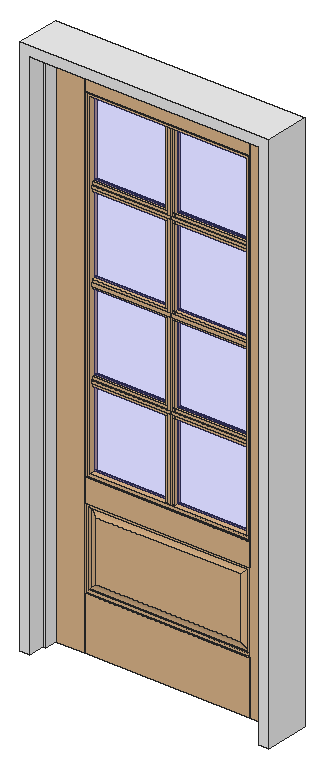
Revit family
Parameters (values of type "1 3/4" Raised Panel")
  Vertical Grill Members = not(# of Vertical Lites < 3)  # no
  Vertical Grill = # of Vertical Lites = 2  # yes
  URL = "http://www.karonadoor.com"
  Top Frame Height = Height - (Top Rail Height + Lock Rail Height)  # 54.250"
  Thickness Note = "Do not edit thickness."  # constant formula
  Thickness = 1.774"
  Swing Angle 2D = 90.00°
  SmartBIM Object Version = 1.1  # constant formula
  SmartBIM Object Created By = "Reed Construction Data"  # constant formula
  Rough Width = 0.000"
  Rough Height = 0.000"
  Panel = Panel_K3580_Karona : 1 3/4" - Raised Panel
  Model = "K3580 Mission"  # constant formula
  Manufacturer = "Karona , Inc."  # constant formula
  Lock Rail Height = 24.750"  # constant formula
  Horizontal Grill = # of Horizontal Lites = 2  # no
  Horizontal Grid Members = not(# of Horizontal Lites < 3)  # yes
  Glass Width = Width - (2 * Stile Width)  # 25.874"
  Glass Height = Height - (Top Rail Height + Bottom Frame Height)  # 35.437"
  Glass = Glass
  Detail Door Thickness = 1.750"
  Bottom Frame Height = 43.563"
  Assembly Code = ""
  Top Rail Height = 5.000"
  Top Rail = Wood, Cherry - Grain Horizontal
  Stile Width = 5.063"
  Stile = Wood, Cherry - Grain Vertical
  Sticking = Wood, Cherry - Grain Vertical
  Middle Rail = Wood, Cherry - Grain Horizontal
  Height = 84.000"
  Wall Closure = (empty or 0)
  Width = 36.000"
  Frame = Metal
  Bottom Rail Height = 8.500"
  Bottom Rail = Wood, Cherry - Grain Horizontal
  95 CSI = "08210"  # constant formula
  04 CSI = "08 14 33"  # constant formula
  # of Vertical Mullions = if((# of Vertical Lites - 1) < 2, 2, # of Vertical Lites - 1)  # 2
  # of Vertical Lites = 2
  # of Horizontal Mullions = if((# of Horizontal Lites - 1) < 2, 2, # of Horizontal Lites - 1)  # 3
  # of Horizontal Lites = 4
Types (9): name | Thickness | Rough Height | Panel | Glass Height | Detail Door Thickness | Bottom Frame Height | Top Rail
  1 3/4" Flat Panel | 1.774" | 1.750" | Panel_K3580_Karona : 1 3/4" - Flat Panel | 55.000" | 1.750" | 24.000" | Wood, Cherry - Grain Horizontal
  1 3/8" Flat Panel | 1.334" | 0.000" | Panel_K3580_Karona : 1 3/8" - Flat Panel | 35.437" | 1.375" | 43.563" | Wood, Cherry - Grain Vertical
  2 1/4" Flat Panel | 2.250" | 0.000" | Panel_K3580_Karona : 2 1/4" - Flat Panel | 35.437" | 2.250" | 43.563" | Wood, Cherry - Grain Horizontal
  1 3/4" Glass Panel | 1.774" | 1.750" | Panel_K3580_Karona : 1 3/4" - Glass Panel | 35.437" | 1.750" | 43.563" | Wood, Cherry - Grain Horizontal
  1 3/8" Glass Panel | 1.334" | 0.000" | Panel_K3580_Karona : 1 3/8" - Glass Panel | 35.437" | 1.375" | 43.563" | Wood, Cherry - Grain Vertical
  2 1/4" Glass Panel | 2.250" | 0.000" | Panel_K3580_Karona : 2 1/4" - Glass | 35.437" | 2.250" | 43.563" | Wood, Cherry - Grain Horizontal
  1 3/4" Raised Panel | 1.774" | 0.000" | Panel_K3580_Karona : 1 3/4" - Raised Panel | 35.437" | 1.750" | 43.563" | Wood, Cherry - Grain Horizontal
  1 3/8" Raised Panel | 1.334" | 0.000" | Panel_K3580_Karona : 1 3/8" - Raised Panel | 35.437" | 1.375" | 43.563" | Wood, Cherry - Grain Vertical
  2 1/4" Raised Panel | 2.250" | 0.000" | Panel_K3580_Karona : 2 1/4" - Raised Panel | 35.437" | 2.250" | 43.563" | Wood, Cherry - Grain Horizontal
Reference planes (in)
  plane 1 "Center (Front/Back)": y = 0
  plane 2 "Center (Left/Right)": x = 0
  plane 3 "Left": x = -18
  plane 4 "Right": x = 18
  plane 5 "Top": z = 84
  plane 6 "Exterior Edge of Frame": y = 3.5
  plane 7 "Interior Edge of Frame": y = -3.5
  plane 8: y = 1
  plane 9: y = -1
  plane 10 "Opening Left": x = -19.5
  plane 11 "Opening Right": x = 19.5
  plane 12 "Top of Opening": z = 85.5
  plane 13: x = -17.5
  plane 14: z = 79
Forms (in)
  Sweep 1, solid, material "Metal" <- "Frame"
    path origin (0, 0, 0) x (1, 0, 0) y (0, 0, 1)
      loop
        line (-19.5, 0) -> (-19.5, 85.5) -> (19.5, 85.5) -> (19.5, 0)
    profile origin (-19.5, 0, 42.75) x (-1, 0, 0) y (0, -1, 0)
      loop
        line (0, -3.5) -> (0, 3.5) -> (-1.5, 3.5) -> (-1.5, 1) -> (-2, 1) -> (-2, -1) -> (-1.5, -1) -> (-1.5, -3.5) -> (0, -3.5)
Lines and regions (in)
  Opening 1
    outline origin (-90, -3, 0) x (1, 0, 0) y (0, 0, 1)
      loop
        line (70.5, 0) -> (109.5, 0) -> (109.5, 85.5) -> (70.5, 85.5) -> (70.5, 0)
  symbolic lines, style "Elevation Swing"
    curve 1: line (18, 3, 0) -> (-18, 3, 42)
    curve 2: line (-18, 3, 42) -> (18, 3, 84)
Text (in)
  text "Exterior" at (-46.13199, 20.20143, 0), in view "Ref. Level"
  text "Interior" at (-46.13199, -10.56751, 0), in view "Ref. Level"
  text "Exterior" at (0, 40.15149, 123.01588), in view "Right"
  text "Interior" at (0, -64.39139, 123.01588), in view "Right"
  text "Interior" at (0, -31.01599, 123.00693), in view "Left"
  text "Exterior" at (0, 54.57065, 123.00693), in view "Left"
Dimensions and locks (in)
  "Height": level to plane 5 "Top"
  "Width": plane 3 "Left" to plane 4 "Right"
  equal spacing: host wall, curve 2, plane 5 "Top"
  locked: host wall to plane 7 "Interior Edge of Frame" at 0.5
  locked: plane 6 "Exterior Edge of Frame" to host wall at 0.5
  locked: plane 9 to plane 7 "Interior Edge of Frame" at 2.5
  locked: plane 6 "Exterior Edge of Frame" to plane 8 at 2.5
  equal spacing: plane 3 "Left", plane 2 "Center (Left/Right)", plane 4 "Right"
  locked: plane 4 "Right" to plane 11 "Opening Right" at 1.5
  locked: plane 5 "Top" to plane 12 "Top of Opening" at 1.5
  locked: plane 3 "Left" to plane 13 at 0.5
  locked: plane 10 "Opening Left" to plane 3 "Left" at 1.5
  nested 1 to nested 1 = 1.774"
  "Top Rail Height": plane 14 to plane 5 "Top"
  aligned and locked: Opening 1 sketch curve to level
  aligned and locked: plane 4 "Right" to curve 1
  aligned and locked: plane 3 "Left" to curve 1
  aligned and locked: plane 5 "Top" to curve 2
  aligned and locked: Opening 1 sketch curve to plane 11 "Opening Right"
  aligned and locked: plane 12 "Top of Opening" to Opening 1 sketch curve
  aligned and locked: Opening 1 sketch curve to plane 10 "Opening Left"
  aligned and locked: plane 10 "Opening Left" to Sweep 1 sketch curve
  aligned and locked: plane 12 "Top of Opening" to Sweep 1 sketch curve
  aligned and locked: plane 11 "Opening Right" to Sweep 1 sketch curve
  aligned and locked: level to Sweep 1 sketch curve  (x2)
  aligned and locked: Sweep 1 sketch curve to plane 10 "Opening Left"
  aligned and locked: Sweep 1 sketch curve to plane 6 "Exterior Edge of Frame"
  aligned and locked: Sweep 1 sketch curve to plane 7 "Interior Edge of Frame"
  aligned and locked: Sweep 1 sketch curve to plane 8
  aligned and locked: Sweep 1 sketch curve to plane 9
  aligned and locked: plane 13 to Sweep 1 sketch curve
  aligned and locked: plane 3 "Left" to Sweep 1 sketch curve  (x2)
  aligned and locked: nested 1 to plane 2 "Center (Left/Right)"
  aligned and locked: nested 2 to plane 3 "Left"
  aligned and locked: nested 2 to plane 8
  aligned and locked: plane 2 "Center (Left/Right)" to nested 3
  aligned and locked: nested 3 to plane 14
  aligned and locked: nested 1 to nested 3
  aligned and locked: nested 1 to plane 8
Automatic sketch dimensions
  curve 1 to level = 0.000"
  curve 2 to plane 4 "Right" = 0.000"
Nested families (in)
  nested 1: "Panel_K3580_Karona" at (-13.5, 0.6575, 0) x (-1, 0, 0) z (0, 0, 1), type <- "Panel", type "1 3/4" - Raised Panel"
  nested 2: "Door Panel Plan View" at (-31.5, 1, 0) x (-1, 0, 0) z (0, 0, 1), type "Door Panel Plan View"
    with Thickness 1.750", Height 84.000"
  nested 3: "MuntinAssembly_Karona" at (-3.03232, 2.28638, 24.75), type "Parametric"
    with Width Offset 8.54133", Width 25.874", Vertical Grid Members no, Vertical Grid yes, Muntin Width 25.624", Muntin Height 54.000", Height Offset 13.4375", Height 54.250", Door Thickness 1.750", # of Horizontal Mullions 3
Definition of nested family "Panel_K3580_Karona"
  Parameters (values of type "1 3/4" - Raised Panel")
    Width = 36.000"
    Top Rail Material = Wood, Cherry - Grain Horizontal
    Top Rail Height = 5.000"
    Top Panel Offset = Top Rail Height + Half Panel Height  # 11.3125"
    Top Frame Height = Height - (Top Rail Height + Mullion Width + Panel Height + Bottom Rail Height)  # 54.250"
    Thickness Note = "Do not change door thickness"  # constant formula
    Thickness = 1.774"
    Stile Width = 5.063"
    Stile Material = Wood, Cherry - Grain Vertical
    Sticking Material = Wood, Cherry - Grain Vertical
    Panel Width = (Width - (2 * Stile Width))  # 25.874"
    Panel Height = Lock Rail Height - (Mullion Width + Bottom Rail Height)  # 12.625"
    Panel = Glass-Sticking-Assembly-Mission_Karona : Raised Panel
    Mullion Width = 3.625"  # constant formula
    Lock Rail Height = 24.750"
    Interior Panel = Wood, Cherry - Grain Vertical
    Height = 84.000"
    Half Panel Width = 0.5 * Panel Width  # 12.937"
    Half Panel Height = 0.5 * Panel Height  # 6.3125"
    Exterior Edge - Glass Bottom Offset = if(Thickness = 1.774", 0.567", if(Thickness = 2.250", 0.803", 0.469"))  # 0.567"
    Door Panel Material = Wood, Cherry - Grain Vertical
    Default Elevation = 0.000"  # constant formula
    Cross Rail and Panel Spacing Start = Half Panel Height + 0.5 * (3.625")  # 8.125"
    Cross Rail Panel Height = Panel Height + 3.625"  # 16.250"
    Bottom Rail Material = Wood, Cherry - Grain Horizontal
    Bottom Rail Height = 8.500"
    Bottom Frame Height = 43.563"
    Assembly Code = ""
  Types (9): name | Top Rail Material | Top Panel Offset | Top Frame Height | Thickness | Panel Height | Panel | Lock Rail Height | Interior Panel | Half Panel Height | Exterior Edge - Glass Bottom Offset | Cross Rail and Panel Spacing Start | Cross Rail Panel Height
    2 1/4" - Flat Panel | Wood, Cherry - Grain Horizontal | 13.0625" | 50.750" | 2.250" | 16.125" | Glass-Sticking-Assembly-Mission_Karona : Flat Panel | 28.250" | Wood, Cherry - Grain Vertical | 8.0625" | 0.803" | 9.875" | 19.750"
    2 1/4" - Glass | Wood, Cherry - Grain Horizontal | 13.0625" | 50.750" | 2.250" | 16.125" | Glass-Sticking-Assembly-Mission_Karona : Glass Panel | 28.250" | Glass | 8.0625" | 0.803" | 9.875" | 19.750"
    2 1/4" - Raised Panel | Wood, Cherry - Grain Horizontal | 13.0625" | 50.750" | 2.250" | 16.125" | Glass-Sticking-Assembly-Mission_Karona : Raised Panel | 28.250" | Wood, Cherry - Grain Vertical | 8.0625" | 0.803" | 9.875" | 19.750"
    1 3/4" - Raised Panel | Wood, Cherry - Grain Horizontal | 11.3125" | 54.250" | 1.774" | 12.625" | Glass-Sticking-Assembly-Mission_Karona : Raised Panel | 24.750" | Wood, Cherry - Grain Vertical | 6.3125" | 0.567" | 8.125" | 16.250"
    1 3/4" - Flat Panel | Wood, Cherry - Grain Horizontal | 11.3125" | 54.250" | 1.774" | 12.625" | Glass-Sticking-Assembly-Mission_Karona : Flat Panel | 24.750" | Wood, Cherry - Grain Vertical | 6.3125" | 0.567" | 8.125" | 16.250"
    1 3/4" - Glass Panel | Wood, Cherry - Grain Horizontal | 13.0625" | 50.750" | 1.774" | 16.125" | Glass-Sticking-Assembly-Mission_Karona : Glass Panel | 28.250" | Glass | 8.0625" | 0.567" | 9.875" | 19.750"
    1 3/8" - Raised Panel | Wood, Cherry - Grain Horizontal | 13.0625" | 50.750" | 1.334" | 16.125" | Glass-Sticking-Assembly-Mission_Karona : Raised Panel | 28.250" | Wood, Cherry - Grain Vertical | 8.0625" | 0.469" | 9.875" | 19.750"
    1 3/8" - Glass Panel | Wood, Cherry - Grain Vertical | 13.0625" | 50.750" | 1.334" | 16.125" | Glass-Sticking-Assembly-Mission_Karona : Glass Panel | 28.250" | Glass | 8.0625" | 0.469" | 9.875" | 19.750"
    1 3/8" - Flat Panel | Wood, Cherry - Grain Horizontal | 13.0625" | 50.750" | 1.334" | 16.125" | Glass-Sticking-Assembly-Mission_Karona : Flat Panel | 28.250" | Wood, Cherry - Grain Vertical | 8.0625" | 0.469" | 9.875" | 19.750"
  Reference planes (in)
    plane 1 "Center (Front/Back)": y = 1.2295
    plane 2: z = 0
    plane 3 "Center (Left/Right)": x = -13.5
    plane 4 "Left": x = -31.5
    plane 5: x = 4.5
    plane 6 "Inner Left": x = -26.437
    plane 7 "Inner Right": x = -0.563
    plane 8: z = 8.5
    plane 9 "Bottom Of Top Rail": z = 79
    plane 10 "Top": z = 84
    plane 11 "Interior Edge of Door": y = 2.1165
    plane 12: z = 79
    plane 13 "Exterior Edge of Door": y = 0.3425
    plane 14 "Bottom of Glass": y = 0.9095
    plane 15 "Cross Rail 3": z = 22.9375
    plane 16: z = 24.75
    plane 17: z = 21.125
    plane 18: z = 51.875
    plane 19: z = 14.8125
  Forms (in)
    Extrusion 1, solid, material "Wood, Cherry - Grain Horizontal" <- "Bottom Rail Material"
      sketch origin (0, -101.3125, 0) x (1, 0, 0) y (0, 0, 1)
        loop
          line (-26.437, 0) -> (-0.563, 0) -> (-0.563, 8.5) -> (-26.437, 8.5) -> (-26.437, 0)
      from -103.429 to -101.655
    Extrusion 2, solid, material "Wood, Cherry - Grain Vertical" <- "Stile Material"
      sketch origin (0, 1.2295, 0) x (1, 0, 0) y (0, 0, 1)
        loop
          line (-31.5, 84) -> (-31.5, 0) -> (-26.437, 0) -> (-26.437, 84) -> (-31.5, 84)
        loop
          line (-0.563, 0) -> (4.5, 0) -> (4.5, 84) -> (-0.563, 84) -> (-0.563, 0)
      from -0.887 to 0.887
    Extrusion 3, solid, material "Wood, Cherry - Grain Horizontal" <- "Top Rail Material"
      sketch origin (0, 1.2295, 0) x (1, 0, 0) y (0, 0, 1)
        loop
          line (-26.437, 84) -> (-26.437, 79) -> (-0.563, 79) -> (-0.563, 84) -> (-26.437, 84)
      from -0.887 to 0.887
    Extrusion 4, solid, material "Wood, Cherry - Grain Horizontal" <- "Top Rail Material"
      sketch origin (0, 1.2295, 0) x (1, 0, 0) y (0, 0, 1)
        loop
          line (-0.563, 21.1245) -> (-0.563, 24.7505) -> (-26.437, 24.7505) -> (-26.437, 21.1245) -> (-0.563, 21.1245)
      from -0.887 to 0.887
  Text (in)
    text "EXTERIOR" at (-34.59289, -1.27941, 0), in view "Ref. Level"
    text "EXTERIOR" at (0, -9.65287, 72.76687), in view "Left"
    text "EXTERIOR" at (0, -33.33473, 96.68074), in view "Right"
  Dimensions and locks (in)
    equal spacing: plane 4 "Left", plane 3 "Center (Left/Right)", plane 5
    "Width": plane 4 "Left" to plane 5
    "Stile Width": plane 4 "Left" to plane 6 "Inner Left"
    "Stile Width": plane 5 to plane 7 "Inner Right"
    "Bottom Rail Height": plane 8 to plane 2
    "Top Rail Height": plane 10 "Top" to plane 9 "Bottom Of Top Rail"
    "Height": plane 10 "Top" to plane 2
    equal spacing: plane 11 "Interior Edge of Door", plane 1 "Center (Front/Back)", plane 13 "Exterior Edge of Door"
    "Thickness": plane 11 "Interior Edge of Door" to plane 13 "Exterior Edge of Door"
    "Exterior Edge - Glass Bottom Offset": plane 14 "Bottom of Glass" to plane 13 "Exterior Edge of Door"
    "Exterior Edge - Glass Bottom Offset": plane 13 "Exterior Edge of Door" to plane 14 "Bottom of Glass"
    equal spacing: Extrusion 4 sketch curve, plane 15 "Cross Rail 3", Extrusion 4 sketch curve
    locked: Extrusion 4 sketch curve to Extrusion 4 sketch curve at 3.626
    equal spacing: plane 16, plane 15 "Cross Rail 3", plane 17
    "Mullion Width": plane 16 to plane 17
    equal spacing: plane 12, plane 18, plane 16
    "Top Frame Height": plane 12 to plane 16
    "Lock Rail Height": plane 16 to level
    equal spacing: plane 17, plane 19, plane 8
    aligned and locked: Extrusion 1 to plane 2
    aligned and locked: plane 11 "Interior Edge of Door" to Extrusion 1
    aligned and locked: plane 4 "Left" to Extrusion 2 sketch curve
    aligned and locked: Extrusion 2 sketch curve to plane 10 "Top"
    aligned and locked: Extrusion 2 sketch curve to Extrusion 1  (x3)
    aligned and locked: Extrusion 1 to Extrusion 2 sketch curve
    aligned and locked: plane 10 "Top" to Extrusion 2 sketch curve
    aligned and locked: plane 5 to Extrusion 2 sketch curve
    aligned and locked: plane 11 "Interior Edge of Door" to Extrusion 2
    aligned and locked: Extrusion 2 to Extrusion 3 sketch curve
    aligned and locked: Extrusion 3 sketch curve to Extrusion 2
    aligned and locked: plane 11 "Interior Edge of Door" to Extrusion 3
    aligned and locked: level to plane 2
    aligned and locked: Extrusion 3 to plane 13 "Exterior Edge of Door"
    aligned and locked: Extrusion 3 to plane 11 "Interior Edge of Door"
    aligned and locked: Extrusion 2 to plane 13 "Exterior Edge of Door"
    aligned and locked: Extrusion 1 to Extrusion 2
    aligned and locked: nested 1 to plane 1 "Center (Front/Back)"
    aligned and locked: plane 3 "Center (Left/Right)" to nested 1
    aligned and locked: plane 9 "Bottom Of Top Rail" to Extrusion 3 sketch curve
    aligned and locked: plane 11 "Interior Edge of Door" to Extrusion 4
    aligned and locked: Extrusion 4 to plane 13 "Exterior Edge of Door"
    aligned and locked: plane 19 to nested 1
  Automatic sketch dimensions
    Extrusion 1 sketch curve to plane 6 "Inner Left" = 0.000"
    Extrusion 1 sketch curve to plane 7 "Inner Right" = 0.000"
    Extrusion 1 sketch curve to level = 0.000"
    Extrusion 1 sketch curve to plane 8 = 0.000"
    Extrusion 3 sketch curve to plane 7 "Inner Right" = 0.000"
    Extrusion 4 sketch curve to plane 7 "Inner Right" = 0.000"
    Extrusion 4 sketch curve to plane 6 "Inner Left" = 0.000"
  Nested families (in)
    nested 1: "Glass-Sticking-Assembly-Mission_Karona" at (-13.96875, 1.38, 8.5), Width <- "Panel Width", Height <- "Panel Height", type <- "Panel", type "Raised Panel"
      with Width 25.874", Height 12.625", Door Thickness 1.774", C 0.200", B 0.567", A 0.197"
  Definition of nested family "Glass-Sticking-Assembly-Mission_Karona"
    Parameters (values of type "Glass Panel")
      Width [instance] = 19.000"
      Stop Adjustment = if(and(not(Glass Panel), Door Thickness = 1.774"), 0.513", if(and(not(Glass Panel), Door Thickness = 2.250"), 0.513", if((Glass Panel), 0.125", 0.273")))  # 0.125"
      Profile = Wood, Cherry - Grain Vertical
      Height [instance] = 23.000"
      Raised Panel = no
      Interior Panel = Wood, Cherry - Grain Vertical
      Glass Panel = yes
      Door Thickness = 2.250"
      C = if(Door Thickness = 1.774", 0.200", if(Door Thickness = 2.250", 0.439", 0.191"))  # 0.439"
      B = if(Door Thickness = 1.774", 0.567", if(Door Thickness = 2.250", 0.803", 0.469"))  # 0.803"
      Assembly Code = ""
      A = if(Door Thickness = 1.774", 0.197", if(Door Thickness = 2.250", 0.433", 0.194"))  # 0.433"
    Types (3): name | Width | Stop Adjustment | Height | Raised Panel | Glass Panel | Door Thickness | C | B | A
      Glass Panel | 19.000" | 0.125" | 23.000" | no | yes | 2.250" | 0.439" | 0.803" | 0.433"
      Flat Panel | 4.500" | 0.273" | 23.000" | no | no | 1.334" | 0.191" | 0.469" | 0.194"
      Raised Panel | 4.000" | 0.513" | 4.000" | yes | no | 2.250" | 0.439" | 0.803" | 0.433"
    Reference planes (in)
      plane 1 "Stop Adjustment Edge": y = -0.3455
      plane 2: z = 0
      plane 3 "Center (Left/Right)": x = 0.46875
      plane 4 "Back": y = 0.9765
      plane 5 "Front": y = -1.2735
      plane 6 "Left": x = -9.03125
      plane 7 "Right": x = 9.96875
      plane 8 "Top": z = 23
      plane 9 "Center (Up/Down)": z = 11.5
      plane 10 "Bottom of Stop": y = -0.2205
      plane 11 "Bottom of Glass": y = -0.4705
      plane 12 "Right Edge of Glass": x = 9.91875
      plane 13 "Left Edge of Glass": x = -8.98125
      plane 14 "Top Edge of Glass": z = 22.90625
      plane 15 "Bottom Edge of Glass": z = 0.09375
      plane 16: x = 9.84375
      plane 17: x = 9.40625
      plane 18 "A": y = -0.8405
      plane 19 "C": y = 0.5375
      plane 20: z = 0.438
      plane 21: z = 22.562
      plane 22: x = -8.59325
      plane 23: x = 9.53075
      plane 24 "Center (Front/Back)": y = -0.1485
    Forms (in)
      Sweep 1, solid, material "Wood, Cherry - Grain Vertical" <- "Profile"
        path origin (0, -0.3455, 0) x (1, 0, 0) y (0, 0, 1)
          loop
            line (9.96875, 23) -> (-9.03125, 23) -> (-9.03125, 0) -> (9.96875, 0) -> (9.96875, 23)
        profile origin (9.96875, -0.3455, 11.5) x (0, -1, 0) y (1, 0, 0)
          loop
            line (-0.883, 0) -> (-0.883, -0.438) -> (-0.125, -0.438) -> (-0.125, -0.05) -> (0.125, -0.05) -> (0.125, -0.438) -> (0.495, -0.438) -> (0.495, 0) -> (-0.883, 0)
      Extrusion 2, solid, material "Wood, Cherry - Grain Vertical" <- "Interior Panel"
        sketch origin (0, 0, 0) x (1, 0, 0) y (0, 1, 0)
          loop
            line (-8.98125, -0.2205) -> (-8.98125, -0.4705) -> (9.91875, -0.4705) -> (9.91875, -0.2205) -> (-8.98125, -0.2205)
        from 0.09375 to 22.90625
      Extrusion 3, solid, material "Wood, Cherry - Grain Vertical" <- "Profile", visible <- "Raised Panel"
        sketch origin (0, 0, 0) x (1, 0, 0) y (0, 1, 0)
          loop
            line (9.53075, 0.5375) -> (-8.59325, 0.5375) -> (-8.59325, -0.2205) -> (9.53075, -0.2205) -> (9.53075, 0.5375)
          loop
            line (-8.59325, -0.4705) -> (-8.59325, -0.8405) -> (9.53075, -0.8405) -> (9.53075, -0.4705) -> (-8.59325, -0.4705)
        from 0.438 to 22.562
      Sweep 4, void
        path origin (0, -0.2205, 0) x (-1, 0, 0) y (0, 0, 1)
          loop
            line (9.03125, 0) -> (9.03125, 23) -> (-9.96875, 23) -> (-9.96875, 0) -> (9.03125, 0)
        profile "Profile : 05" origin (-9.03125, -0.2205, 11.5) x (1, 0, 0) y (0, 1, 0)
          loop
            line (0, 0.05) -> (0.36169, 0.05096)
            arc (0.36169, 0.05096) -> (1.01257, 0.13642) -> (1.61934, 0.387) r 2.52143
            line (1.61934, 0.387) -> (0, 0.387) -> (0, 0.05)
      Sweep 5, void
        path origin (0, -0.4705, 0) x (-1, 0, 0) y (0, 0, 1)
          loop
            line (-9.96875, 23) -> (-9.96875, 0) -> (9.03125, 0) -> (9.03125, 23) -> (-9.96875, 23)
        profile "Profile : 05" origin (9.96875, -0.4705, 11.5) x (-1, 0, 0) y (0, 1, 0)
          loop
            line (0, -0.05) -> (0, -0.387) -> (1.61934, -0.387)
            arc (1.61934, -0.387) -> (1.01257, -0.13642) -> (0.36169, -0.05096) r 2.52143
            line (0.36169, -0.05096) -> (0, -0.05)
    Cuts and joins
      Sweep 4, Sweep 5 cuts Extrusion 3
    Text (in)
      text "INTERIOR" at (-14.3788, 3.49864, 0), in view "Ref. Level"
    Dimensions and locks (in)
      equal spacing: plane 6 "Left", plane 3 "Center (Left/Right)", plane 7 "Right"
      "Width": plane 6 "Left" to plane 7 "Right"
      "Door Thickness": plane 4 "Back" to plane 5 "Front"
      "Height": plane 8 "Top" to plane 2
      equal spacing: plane 8 "Top", plane 9 "Center (Up/Down)", level
      locked: plane 1 "Stop Adjustment Edge" to plane 11 "Bottom of Glass" at 0.125
      "Stop Adjustment": plane 10 "Bottom of Stop" to plane 1 "Stop Adjustment Edge"
      locked: plane 12 "Right Edge of Glass" to plane 7 "Right" at 0.05
      locked: plane 8 "Top" to plane 14 "Top Edge of Glass" at 0.09375
      locked: plane 15 "Bottom Edge of Glass" to level at 0.09375
      locked: plane 6 "Left" to plane 13 "Left Edge of Glass" at 0.05
      "B": plane 5 "Front" to plane 11 "Bottom of Glass"
      locked: plane 16 to plane 7 "Right" at 0.125
      "A": plane 5 "Front" to plane 18 "A"
      "C": plane 19 "C" to plane 4 "Back"
      plane 4 "Back" to Sweep 1 = 1.197"
      locked: plane 20 to level at 0.438
      locked: plane 8 "Top" to plane 21 at 0.438
      locked: plane 6 "Left" to plane 22 at 0.438
      locked: plane 23 to plane 7 "Right" at 0.438
      equal spacing: plane 4 "Back", plane 24 "Center (Front/Back)", plane 5 "Front"
      aligned and locked: Sweep 1 sketch curve to plane 7 "Right"
      aligned and locked: Sweep 1 sketch curve to plane 8 "Top"
      aligned and locked: Sweep 1 sketch curve to plane 6 "Left"
      aligned and locked: Sweep 1 sketch curve to level
      aligned and locked: plane 7 "Right" to Sweep 1 sketch curve
      aligned and locked: plane 10 "Bottom of Stop" to Sweep 1 sketch curve
      aligned and locked: plane 11 "Bottom of Glass" to Sweep 1 sketch curve
      aligned and locked: plane 18 "A" to Sweep 1 sketch curve
      aligned and locked: Sweep 1 sketch curve to plane 19 "C"
      aligned and locked: Extrusion 2 sketch curve to plane 13 "Left Edge of Glass"
      aligned and locked: Extrusion 2 sketch curve to plane 10 "Bottom of Stop"
      aligned and locked: Extrusion 2 sketch curve to plane 11 "Bottom of Glass"
      aligned and locked: Extrusion 2 sketch curve to plane 12 "Right Edge of Glass"
      aligned and locked: plane 14 "Top Edge of Glass" to Extrusion 2
      aligned and locked: Extrusion 2 to plane 15 "Bottom Edge of Glass"
      aligned and locked: Extrusion 3 sketch curve to plane 19 "C"
      aligned and locked: Extrusion 3 sketch curve to plane 10 "Bottom of Stop"
      aligned and locked: Extrusion 3 sketch curve to plane 11 "Bottom of Glass"
      aligned and locked: Extrusion 3 sketch curve to plane 18 "A"
      aligned and locked: Extrusion 3 to plane 20
      aligned and locked: Extrusion 3 to plane 21
      aligned and locked: plane 12 "Right Edge of Glass" to Sweep 1 sketch curve
      aligned and locked: plane 23 to Extrusion 3 sketch curve  (x2)
      aligned and locked: Extrusion 3 sketch curve to plane 22  (x2)
      aligned and locked: plane 23 to Sweep 1 sketch curve  (x2)
      aligned and locked: Sweep 5 sketch curve to plane 6 "Left"
      aligned and locked: plane 8 "Top" to Sweep 5 sketch curve
      aligned and locked: Sweep 5 sketch curve to plane 7 "Right"
      aligned and locked: level to Sweep 5 sketch curve
      aligned and locked: Sweep 4 sketch curve to plane 7 "Right"
      aligned and locked: plane 8 "Top" to Sweep 4 sketch curve
      aligned and locked: Sweep 4 sketch curve to plane 6 "Left"
      aligned and locked: level to Sweep 4 sketch curve
Definition of nested family "MuntinAssembly_Karona"
  Parameters (values of type "Parametric")
    Width Offset = ((Width - (Mullion Width * # of Vertical Mullions)) / (# of Vertical Mullions + 1)) + (0.5 * Mullion Width)  # 9.250"
    Width = 28.000"
    Vertical Grid Members = yes
    Vertical Grid = no
    Sticking = Wood, Cherry - Grain Vertical
    Muntin Width = Width - (2 * 0.125")  # 27.750"
    Muntin Height = Height - (2 * 0.125")  # 36.750"
    Mullion Width = 0.500"
    Mullion = Wood, Cherry - Grain Vertical
    Horizontal Grid Members = yes
    Horizontal Grid = no
    Height Offset = ((Height - (Mullion Width * # of Horizontal Mullions)) / (# of Horizontal Mullions + 1)) + (0.5 * Mullion Width)  # 12.250"
    Height = 37.000"
    Glass = Glass
    Door Thickness = 1.375"
    Assembly Code = ""
    2x2 Glass = and(Vertical Grid, Horizontal Grid)  # no
    # of Vertical Mullions = 2
    # of Horizontal Mullions = 2
  Reference planes (in)
    plane 1 "Center (Front/Back)": y = 0.01562
    plane 2: z = 0
    plane 3 "Center (Left/Right)": x = 3.03232
    plane 4 "Left": x = -10.96768
    plane 5 "Right": x = 17.03232
    plane 6 "Top": z = 37
    plane 7 "Center (Up/Down)": z = 18.5
    plane 8: x = -1.71768
    plane 9: x = 7.78232
    plane 10: z = 24.75
    plane 11: z = 12.25
  Forms (in)
    Extrusion 1, solid, material "Glass" <- "Glass"
      sketch origin (0, 0.01562, 0) x (1, 0, 0) y (0, 0, 1)
        loop
          line (-10.96768, 37) -> (-10.96768, 0) -> (17.03232, 0) -> (17.03232, 37) -> (-10.96768, 37)
      from 0 to 0.25
  Dimensions and locks (in)
    equal spacing: plane 4 "Left", plane 3 "Center (Left/Right)", plane 5 "Right"
    "Width": plane 4 "Left" to plane 5 "Right"
    "Height": plane 6 "Top" to plane 2
    equal spacing: plane 6 "Top", plane 7 "Center (Up/Down)", level
    "Width Offset": plane 5 "Right" to plane 9
    "Width Offset": plane 8 to plane 4 "Left"
    "Height Offset": plane 11 to level
    "Height Offset": plane 6 "Top" to plane 10
    group 1 to group 2 = 9.500"
    group 1 to group 2 = 0.000"  (x2)
    group 3 to group 4 = 0.000"  (x2)
    group 3 to group 4 = 12.500"
    aligned and locked: nested 1 to plane 8
    aligned and locked: plane 1 "Center (Front/Back)" to nested 1
    aligned and locked: nested 3 to plane 9
    aligned and locked: plane 7 "Center (Up/Down)" to nested 3
    aligned and locked: plane 11 to nested 2  (x2)
    aligned and locked: plane 10 to nested 4  (x2)
    aligned and locked: Extrusion 1 sketch curve to plane 4 "Left"
    aligned and locked: Extrusion 1 sketch curve to plane 6 "Top"
    aligned and locked: Extrusion 1 sketch curve to plane 5 "Right"
    aligned and locked: Extrusion 1 sketch curve to level
    aligned and locked: nested 2 to plane 1 "Center (Front/Back)"
    aligned and locked: plane 1 "Center (Front/Back)" to nested 3
    aligned and locked: nested 5 to plane 3 "Center (Left/Right)"
    aligned and locked: nested 5 to plane 1 "Center (Front/Back)"
    aligned and locked: nested 6 to plane 3 "Center (Left/Right)"
    aligned and locked: nested 6 to plane 7 "Center (Up/Down)"
    aligned and locked: plane 7 "Center (Up/Down)" to nested 1
    aligned and locked: nested 4 to plane 3 "Center (Left/Right)"
    aligned and locked: nested 2 to plane 3 "Center (Left/Right)"
    aligned and locked: plane 7 "Center (Up/Down)" to nested 5
  Nested families (in)
    nested 1: "MullionVertical_Karona" at (-1.52118, 3.94787, 0.125) x (-1, 0, 0) z (0, 0, 1), visible <- "Vertical Grid Members", Height <- "Muntin Height", Door Thickness <- "Door Thickness", type "Parametric"
      with Mold Offset 0.160", Height 36.750", E 0.196", Door Thickness 1.375", D 0.276", C 0.390", B 0.472"
    nested 2: "MullionHorizontal_Karona" at (8.90732, -0.5996, 12.25) x (0, 1, 0) z (0, 0, 1), visible <- "Horizontal Grid Members", Door Thickness <- "Door Thickness", type "Parametric"
      with Mold Offset 0.160", E 0.196", Door Thickness 1.375", D 0.276", C 0.390", B 0.472", Width 27.750"
    nested 3: "MullionVertical_Karona" at (7.97882, 3.94787, 0.125) x (-1, 0, 0) z (0, 0, 1), visible <- "Vertical Grid Members", Height <- "Muntin Height", Door Thickness <- "Door Thickness", type "Parametric"
      with Mold Offset 0.160", Height 36.750", E 0.196", Door Thickness 1.375", D 0.276", C 0.390", B 0.472"
    nested 4: "MullionHorizontal_Karona" at (8.90732, -0.5996, 24.75) x (0, 1, 0) z (0, 0, 1), visible <- "Horizontal Grid Members", Door Thickness <- "Door Thickness", type "Parametric"
      with Mold Offset 0.160", E 0.196", Door Thickness 1.375", D 0.276", C 0.390", B 0.472", Width 27.750"
    nested 5: "MuntinAssembly_2x2_Karona" at (6.06464, 0.03125, 0.125) x (-1, 0, 0) z (0, 0, 1), type "Parametric"
      with Width 27.750", Height 36.750", Door Thickness 1.375"
    nested 6: "Glass-Muntin-Assembly-Mission_Karona" at (2.56357, -0.45487, 0), Door Thickness <- "Door Thickness", Width <- "Width", Height <- "Height", type "Parametric"
      with Width 28.000", Height 37.000", Door Thickness 1.375", C 0.160", B 0.472", A 0.196"
  Definition of nested family "MullionVertical_Karona"
    Parameters (values of type "Parametric")
      Mold Offset [instance] = if(Door Thickness = 1.774", 0.166", if(Door Thickness = 2.250", 0.435", 0.160"))  # 0.166"
      Material = Default
      Height [instance] = 30.125"
      E [instance] = if(Door Thickness = 1.774", 0.197", if(Door Thickness = 2.250", 0.435", 0.196"))  # 0.197"
      Door Thickness [instance] = 1.774"
      D [instance] = if(Door Thickness = 1.774", 0.370", if(Door Thickness = 2.250", 0.369", 0.276"))  # 0.370"
      C [instance] = if(Door Thickness = 1.774", 0.640", if(Door Thickness = 2.250", 0.640", 0.390"))  # 0.640"
      B [instance] = if(Door Thickness = 1.774", 0.567", if(Door Thickness = 2.250", 0.806", 0.472"))  # 0.567"
      Assembly Code = ""
    Reference planes (in)
      plane 1 "E": y = 3.65625
      plane 2 "Panel Bottom": z = 0
      plane 3 "B": y = 4.66625
      plane 4 "Top": z = 30.125
      plane 5 "Bottom": z = 0
      plane 6 "Bottom of Glass": y = 4.02625
      plane 7 "Width Centerline": x = 0.1965
      plane 8 "Vertical Midline": z = 15.0625
      plane 9: x = -0.0535
      plane 10: x = 0.4465
      plane 11: y = 5.23325
      plane 12 "Top of Mold": y = 5.06725
      plane 13: y = 3.45925
      plane 14 "Top of Glass": y = 4.27625
      plane 15: x = -0.0225
      plane 16: x = 0.4155
      plane 17: x = -0.4915
      plane 18: x = 0.8845
    Forms (in)
      Sweep 1, solid, material "Default" <- "Material"
        path origin (0, 4.02625, 0) x (-1, 0, 0) y (0, 0, 1)
          loop
            line (-0.1965, 30.125) -> (-0.1965, 0)
        profile origin (0.1965, 4.02625, 15.0625) x (0, 1, 0) y (-1, 0, 0)
          loop
            line (1.207, -0.25) -> (1.207, 0.25) -> (1.041, 0.25) -> (1.041, 0.688) -> (0.25, 0.688) -> (0.25, 0.25) -> (0.64, 0.25) -> (0.64, 0.219) -> (0, 0.219) -> (0, 0.688) -> (-0.37, 0.688) -> (-0.37, 0.219) -> (-0.567, 0.219) -> (-0.567, -0.219) -> (-0.37, -0.219) -> (-0.37, -0.688) -> (0, -0.688) -> (0, -0.219) -> (0.64, -0.219) -> (0.64, -0.25) -> (0.25, -0.25) -> (0.25, -0.688) -> (1.041, -0.688) -> (1.041, -0.25) -> (1.207, -0.25)
    Text (in)
      text "INTERIOR" at (-4.0665, 6.79788, 0), in view "Ref. Level"
    Dimensions and locks (in)
      "Height": plane 4 "Top" to plane 5 "Bottom"
      equal spacing: plane 4 "Top", plane 8 "Vertical Midline", level
      plane 9 to plane 7 "Width Centerline" to plane 10 = 0.250" locked, 0.250" locked
      "E": plane 13 to plane 1 "E"
      "D": plane 6 "Bottom of Glass" to plane 1 "E"
      locked: plane 14 "Top of Glass" to plane 6 "Bottom of Glass" at 0.25
      locked: plane 9 to plane 15 at 0.031
      locked: plane 16 to plane 10 at 0.031
      plane 17 to plane 7 "Width Centerline" to plane 18 = 0.688" locked, 0.688" locked
      "C": plane 6 "Bottom of Glass" to plane 3 "B"
      "B": plane 3 "B" to plane 11
      "Mold Offset": plane 11 to plane 12 "Top of Mold"
      aligned and locked: plane 5 "Bottom" to level
      aligned and locked: plane 7 "Width Centerline" to Sweep 1 sketch curve
      aligned and locked: plane 4 "Top" to Sweep 1 sketch curve
      aligned and locked: level to Sweep 1 sketch curve
      aligned and locked: plane 11 to Sweep 1 sketch curve
      aligned and locked: plane 9 to Sweep 1 sketch curve  (x2)
      aligned and locked: plane 10 to Sweep 1 sketch curve  (x2)
      aligned and locked: plane 12 "Top of Mold" to Sweep 1 sketch curve
      aligned and locked: plane 17 to Sweep 1 sketch curve  (x2)
      aligned and locked: plane 18 to Sweep 1 sketch curve  (x2)
      aligned and locked: plane 14 "Top of Glass" to Sweep 1 sketch curve
      aligned and locked: plane 15 to Sweep 1 sketch curve  (x2)
      aligned and locked: plane 16 to Sweep 1 sketch curve  (x2)
      aligned and locked: plane 3 "B" to Sweep 1 sketch curve
      aligned and locked: plane 6 "Bottom of Glass" to Sweep 1 sketch curve
      aligned and locked: plane 1 "E" to Sweep 1 sketch curve
      aligned and locked: plane 13 to Sweep 1 sketch curve
      aligned and locked: Sweep 1 sketch curve to plane 14 "Top of Glass"
    Automatic sketch dimensions
      Sweep 1 sketch curve to Sweep 1 sketch curve = 0.000"  (x3)
      Sweep 1 sketch curve to plane 6 "Bottom of Glass" = 0.000"
  Definition of nested family "MullionHorizontal_Karona"
    Parameters (values of type "2.25")
      Width = 24.875"
      Mullion = Default
      Mold Offset [instance] = if(Door Thickness = 1.774", 0.166", if(Door Thickness = 2.250", 0.435", 0.160"))  # 0.435"
      E [instance] = if(Door Thickness = 1.774", 0.197", if(Door Thickness = 2.250", 0.435", 0.196"))  # 0.435"
      Door Thickness [instance] = 2.250"
      D [instance] = if(Door Thickness = 1.774", 0.370", if(Door Thickness = 2.250", 0.369", 0.276"))  # 0.369"
      C [instance] = if(Door Thickness = 1.774", 0.640", if(Door Thickness = 2.250", 0.640", 0.390"))  # 0.640"
      B [instance] = if(Door Thickness = 1.774", 0.567", if(Door Thickness = 2.250", 0.806", 0.472"))  # 0.806"
      Assembly Code = ""
    Types (4): name | Mold Offset | E | Door Thickness | D | C | B
      Parametric | 0.166" | 0.197" | 1.774" | 0.370" | 0.640" | 0.567"
      2.25 | 0.435" | 0.435" | 2.250" | 0.369" | 0.640" | 0.806"
      1.774 | 0.166" | 0.197" | 1.774" | 0.370" | 0.640" | 0.567"
      1.334 | 0.160" | 0.196" | 1.334" | 0.276" | 0.390" | 0.472"
    Reference planes (in)
      plane 1 "Edge 2": y = -8
      plane 2 "Panel Bottom": z = 0
      plane 3 "Edge 1": y = 16.875
      plane 4 "Midline": z = 0
      plane 5 "Vertical Centerline": y = 4.4375
      plane 6: x = -0.24678
      plane 7 "E": x = 1.56822
      plane 8 "Top of Mold": x = 0.18822
      plane 9 "B": x = 0.55922
      plane 10 "Top of Glass": x = 0.94922
      plane 11 "Bottom of Glass": x = 1.19922
      plane 12: x = 2.00322
      plane 13: z = 0.25
      plane 14: z = -0.25
      plane 15: z = -0.219
      plane 16: z = 0.219
      plane 17: z = 0.688
      plane 18: z = -0.688
    Forms (in)
      Sweep 1, solid, material "Default" <- "Mullion"
        path origin (0, 0, 0) x (1, 0, 0) y (0, 1, 0)
          loop
            line (0.67188, 16.875) -> (0.67188, -8)
        profile origin (0.67188, 4.4375, 0) x (1, 0, 0) y (0, 0, 1)
          loop
            line (-0.91865, 0.25) -> (-0.91865, -0.25) -> (-0.48365, -0.25) -> (-0.48365, -0.688) -> (0.27735, -0.688) -> (0.27735, -0.25) -> (-0.11265, -0.25) -> (-0.11265, -0.219) -> (0.52735, -0.219) -> (0.52735, -0.688) -> (0.89635, -0.688) -> (0.89635, -0.219) -> (1.33135, -0.219) -> (1.33135, 0.219) -> (0.89635, 0.219) -> (0.89635, 0.688) -> (0.52735, 0.688) -> (0.52735, 0.219) -> (-0.11265, 0.219) -> (-0.11265, 0.25) -> (0.27735, 0.25) -> (0.27735, 0.688) -> (-0.48365, 0.688) -> (-0.48365, 0.25) -> (-0.91865, 0.25)
    Text (in)
      text "INTERIOR" at (-5.19564, 0, 1.57585), in view "Front"
    Dimensions and locks (in)
      "Width": plane 1 "Edge 2" to plane 3 "Edge 1"
      equal spacing: plane 1 "Edge 2", plane 5 "Vertical Centerline", plane 3 "Edge 1"
      locked: plane 13 to plane 16 at 0.031
      locked: plane 15 to plane 14 at 0.031
      plane 13 to plane 4 "Midline" to plane 14 = 0.250" locked, 0.250" locked
      locked: plane 17 to plane 4 "Midline" at 0.688
      locked: plane 4 "Midline" to plane 18 at 0.688
      "E": plane 12 to plane 7 "E"
      "D": plane 7 "E" to plane 11 "Bottom of Glass"
      locked: plane 11 "Bottom of Glass" to plane 10 "Top of Glass" at 0.25
      "C": plane 11 "Bottom of Glass" to plane 9 "B"
      "B": plane 9 "B" to plane 6
      "Mold Offset": plane 8 "Top of Mold" to plane 6
      aligned and locked: plane 4 "Midline" to level
      aligned and locked: plane 3 "Edge 1" to Sweep 1 sketch curve
      aligned and locked: plane 1 "Edge 2" to Sweep 1 sketch curve
      aligned and locked: Sweep 1 sketch curve to plane 6
      aligned and locked: Sweep 1 sketch curve to plane 13  (x2)
      aligned and locked: Sweep 1 sketch curve to plane 14  (x2)
      aligned and locked: Sweep 1 sketch curve to plane 12
      aligned and locked: Sweep 1 sketch curve to plane 8 "Top of Mold"
      aligned and locked: Sweep 1 sketch curve to plane 18  (x2)
      aligned and locked: Sweep 1 sketch curve to plane 17  (x2)
      aligned and locked: Sweep 1 sketch curve to plane 10 "Top of Glass"  (x2)
      aligned and locked: Sweep 1 sketch curve to plane 9 "B"  (x2)
      aligned and locked: Sweep 1 sketch curve to plane 15  (x2)
      aligned and locked: Sweep 1 sketch curve to plane 16  (x2)
      aligned and locked: Sweep 1 sketch curve to plane 11 "Bottom of Glass"  (x2)
      aligned and locked: Sweep 1 sketch curve to plane 7 "E"  (x2)
    Automatic sketch dimensions
      Sweep 1 sketch curve to Sweep 1 sketch curve = 0.000"
  Definition of nested family "Glass-Muntin-Assembly-Mission_Karona"
    Parameters (values of type "1 3/8"")
      Width [instance] = 19.000"
      Profile = Default
      Height [instance] = 23.000"
      Door Thickness [instance] = 2.250"
      C [instance] = if(Door Thickness = 1.774", 0.166", if(Door Thickness = 2.250", 0.435", 0.160"))  # 0.435"
      B [instance] = if(Door Thickness = 1.774", 0.567", if(Door Thickness = 2.250", 0.804", 0.472"))  # 0.804"
      Assembly Code = ""
      A [instance] = if(Door Thickness = 1.774", 0.197", if(Door Thickness = 2.250", 0.435", 0.196"))  # 0.435"
    Types (3): name | Profile | Door Thickness | C | B | A
      1 3/4" | Wood, Cherry - Grain Vertical | 1.774" | 0.166" | 0.567" | 0.197"
      1 3/8" | Default | 2.250" | 0.435" | 0.804" | 0.435"
      2 1/4" | Wood, Cherry - Grain Vertical | 2.250" | 0.435" | 0.804" | 0.435"
    Reference planes (in)
      plane 1 "Center (Front/Back)": y = -0.3455
      plane 2: z = 0
      plane 3 "Center (Left/Right)": x = 0.46875
      plane 4 "Back": y = 0.9755
      plane 5 "Front": y = -1.2745
      plane 6 "Left": x = -9.03125
      plane 7 "Right": x = 9.96875
      plane 8 "Top": z = 23
      plane 9 "Center (Up/Down)": z = 11.5
      plane 10: y = -0.2205
      plane 11 "Bottom of Glass": y = -0.4705
      plane 12 "Right Edge of Glass": x = 9.875
      plane 13 "Left Edge of Glass": x = -8.9375
      plane 14 "Top Edge of Glass": z = 22.90625
      plane 15 "Bottom Edge of Glass": z = 0.09375
      plane 16: x = 9.84375
      plane 17: x = 9.40625
      plane 18 "A": y = -0.8395
      plane 19 "C": y = 0.5405
    Forms (in)
      Sweep 1, solid, material "Default" <- "Profile"
        path origin (0, -0.3455, 0) x (1, 0, 0) y (0, 0, 1)
          loop
            line (9.96875, 23) -> (-9.03125, 23) -> (-9.03125, 0) -> (9.96875, 0) -> (9.96875, 23)
        profile origin (9.96875, -0.3455, 11.5) x (0, -1, 0) y (1, 0, 0)
          loop
            line (-1.321, 0) -> (-1.321, -0.125) -> (-0.886, -0.125) -> (-0.886, -0.5625) -> (-0.125, -0.5625) -> (-0.125, -0.09375) -> (0.125, -0.09375) -> (0.125, -0.5625) -> (0.494, -0.5625) -> (0.494, -0.125) -> (0.929, -0.125) -> (0.929, 0) -> (-1.321, 0)
    Text (in)
      text "INTERIOR" at (-14.3788, 3.49864, 0), in view "Ref. Level"
    Dimensions and locks (in)
      equal spacing: plane 6 "Left", plane 3 "Center (Left/Right)", plane 7 "Right"
      "Width": plane 6 "Left" to plane 7 "Right"
      "Door Thickness": plane 4 "Back" to plane 5 "Front"
      "Height": plane 8 "Top" to plane 2
      equal spacing: plane 8 "Top", plane 9 "Center (Up/Down)", level
      locked: plane 1 "Center (Front/Back)" to plane 11 "Bottom of Glass" at 0.125
      locked: plane 10 to plane 1 "Center (Front/Back)" at 0.125
      locked: plane 12 "Right Edge of Glass" to plane 7 "Right" at 0.09375
      locked: plane 8 "Top" to plane 14 "Top Edge of Glass" at 0.09375
      locked: plane 15 "Bottom Edge of Glass" to level at 0.09375
      locked: plane 6 "Left" to plane 13 "Left Edge of Glass" at 0.09375
      "B": plane 5 "Front" to plane 11 "Bottom of Glass"
      locked: Sweep 1 sketch curve to plane 7 "Right" at 0.125
      locked: plane 17 to plane 7 "Right" at 0.5625
      locked: plane 16 to plane 7 "Right" at 0.125
      locked: Sweep 1 sketch curve to plane 7 "Right" at 0.5625
      "A": plane 5 "Front" to plane 18 "A"
      "C": plane 19 "C" to plane 4 "Back"
      plane 4 "Back" to Sweep 1 = 1.196"
      aligned and locked: Sweep 1 sketch curve to plane 7 "Right"
      aligned and locked: Sweep 1 sketch curve to plane 8 "Top"
      aligned and locked: Sweep 1 sketch curve to plane 6 "Left"
      aligned and locked: Sweep 1 sketch curve to level
      aligned and locked: plane 7 "Right" to Sweep 1 sketch curve
      aligned and locked: plane 4 "Back" to Sweep 1 sketch curve
      aligned and locked: plane 16 to Sweep 1 sketch curve
      aligned and locked: plane 10 to Sweep 1 sketch curve
      aligned and locked: plane 11 "Bottom of Glass" to Sweep 1 sketch curve
      aligned and locked: plane 5 "Front" to Sweep 1 sketch curve
      aligned and locked: Sweep 1 sketch curve to plane 17
      aligned and locked: plane 12 "Right Edge of Glass" to Sweep 1 sketch curve
      aligned and locked: plane 18 "A" to Sweep 1 sketch curve
      aligned and locked: Sweep 1 sketch curve to plane 19 "C"
Definition of nested family "Door Panel Plan View"
  Parameters (values of type "Door Panel Plan View")
    Width = 36.000"
    Thickness = 2.000"
    Swing Angle 2D = 90.00°
    Height = 0.000"
    Assembly Code = ""
  Reference planes (in)
    plane 1 "Center (Front/Back)": y = 0
    plane 2: z = 0
    plane 3 "Center (Left/Right)": x = -13.5
  Lines and regions (in)
    symbolic lines, style "DoorsPanelProjection"
      curve 1: line (-13.5, 0, 0) -> (-13.5, 36, 0)
      curve 2: line (-15.5, 0, 0) -> (-15.5, 36, 0)
      curve 3: line (-13.5, 0, 0) -> (-15.5, 0, 0)
      curve 4: line (-13.5, 36, 0) -> (-15.5, 36, 0)
    symbolic lines, style "Plan Swing"
      curve 5: arc (-13.5, 36, 0) -> (-38.95584, 25.45584, 0) -> (-49.5, 0, 0) r 36
  Dimensions and locks (in)
    "Width": curve 4 to curve 3
    "Thickness": curve 1 to curve 2
    "Swing Angle 2D": angle curve 1 to plane 1 "Center (Front/Back)"
    aligned and locked: plane 1 "Center (Front/Back)" to curve 5
  Automatic sketch dimensions
    curve 3 to plane 1 "Center (Front/Back)" = 0.000"
    curve 5 to plane 3 "Center (Left/Right)" = 0.000"
    curve 3 to plane 3 "Center (Left/Right)" = 0.000"
